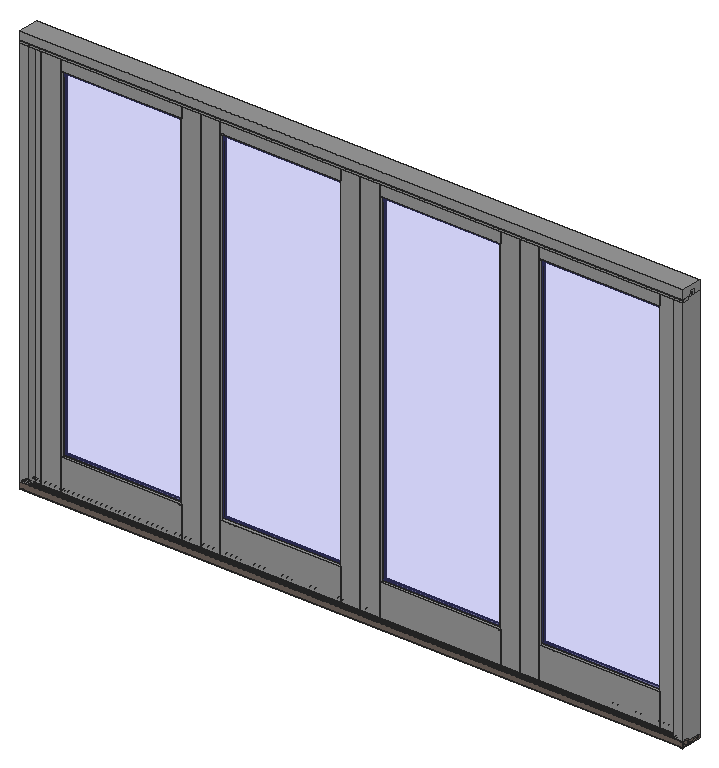
Revit family "VSFA 3390 G1 LH", category Doors, host Wall, Revit 2015
Parameters (values of type "VSFA 3390 G1 LH")
  Function = Interior
  Frame Projection Ext. = 25 mm
  Frame Projection Int. = 25 mm
  Frame Width = 75 mm
  Height = 2100 mm
  Wall Closure = By host
  Width = 3390 mm
Reference planes
  plane 1: y = 0
  plane 2 "Center (Left/Right)": x = 0
  plane 3 "Left": x = -1695
  plane 4 "Right": x = 1695
  plane 5: z = 2100
  plane 6 "Exterior": y = 75
  plane 7 "Interior": y = -75
  plane 8: x = 832.5
  plane 9: x = 829.5
  plane 10: x = 16.5
  plane 11: x = 13.5
  plane 12: x = -799.5
  plane 13: x = -802.5
Forms (mm)
  Extrusion 1, solid, material "Aluminium Cill (Bronze)"
    sketch origin (0, 79.18, -119.746) x (0, 1, 0) y (0, 0, 1)
      loop
        line (-26.68, 120.746) -> (-26.68, 135.746)
        arc (-26.68, 135.746) -> (-27.558, 137.867) -> (-29.68, 138.746) r 3
        line (-29.68, 138.746) -> (-40.947, 138.746)
        arc (-40.947, 138.746) -> (-42.68, 137.746) -> (-44.412, 138.746) r 2
        line (-44.412, 138.746) -> (-48.947, 138.746)
        arc (-48.947, 138.746) -> (-50.68, 137.746) -> (-52.412, 138.746) r 2
        line (-52.412, 138.746) -> (-56.947, 138.746)
        arc (-56.947, 138.746) -> (-58.68, 137.746) -> (-60.412, 138.746) r 2
        line (-60.412, 138.746) -> (-67.18, 138.746) -> (-67.18, 135.246)
        arc (-67.18, 135.246) -> (-67.619, 134.185) -> (-68.68, 133.746) r 1.5
        line (-68.68, 133.746) -> (-73.43, 133.746) -> (-73.43, 135.746) -> (-71.996, 135.746)
        arc (-71.996, 135.746) -> (-74.68, 138.746) -> (-77.363, 135.746) r 2.7
        line (-77.363, 135.746) -> (-75.93, 135.746) -> (-75.93, 133.746) -> (-80.68, 133.746)
        arc (-80.68, 133.746) -> (-81.74, 134.185) -> (-82.18, 135.246) r 1.5
        line (-82.18, 135.246) -> (-82.18, 138.746) -> (-90.432, 138.746) -> (-98.68, 138.746) -> (-98.68, 143.746)
        arc (-98.68, 143.746) -> (-99.18, 144.246) -> (-99.68, 143.746) r 0.5
        line (-99.68, 143.746) -> (-99.68, 142.734) -> (-100.88, 142.734) -> (-100.88, 150.246) -> (-99.68, 150.246) -> (-99.68, 149.246)
        arc (-99.68, 149.246) -> (-99.18, 148.746) -> (-98.68, 149.246) r 0.5
        line (-98.68, 149.246) -> (-98.68, 150.746)
        arc (-98.68, 150.746) -> (-98.972, 151.453) -> (-99.68, 151.746) r 1
        line (-99.68, 151.746) -> (-109.447, 151.746)
        arc (-109.447, 151.746) -> (-111.18, 150.746) -> (-112.912, 151.746) r 2
        line (-112.912, 151.746) -> (-117.447, 151.746)
        arc (-117.447, 151.746) -> (-119.18, 150.746) -> (-120.912, 151.746) r 2
        line (-120.912, 151.746) -> (-130.68, 151.746)
        arc (-130.68, 151.746) -> (-131.387, 151.453) -> (-131.68, 150.746) r 1
        line (-131.68, 150.746) -> (-131.68, 120.746)
        arc (-131.68, 120.746) -> (-131.387, 120.039) -> (-130.68, 119.746) r 1
        line (-130.68, 119.746) -> (-27.68, 119.746)
        arc (-27.68, 119.746) -> (-26.972, 120.039) -> (-26.68, 120.746) r 1
      loop
        line (-29.68, 137.246) -> (-40.23, 137.246)
        arc (-40.23, 137.246) -> (-42.68, 136.246) -> (-45.129, 137.246) r 3.5
        line (-45.129, 137.246) -> (-48.23, 137.246)
        arc (-48.23, 137.246) -> (-50.68, 136.246) -> (-53.129, 137.246) r 3.5
        line (-53.129, 137.246) -> (-56.23, 137.246)
        arc (-56.23, 137.246) -> (-58.68, 136.246) -> (-61.129, 137.246) r 3.5
        line (-61.129, 137.246) -> (-65.68, 137.246) -> (-65.68, 135.246)
        arc (-65.68, 135.246) -> (-66.558, 133.125) -> (-68.68, 132.246) r 3
        line (-68.68, 132.246) -> (-73.93, 132.246) -> (-73.93, 121.246) -> (-28.18, 121.246) -> (-28.18, 135.746)
        arc (-28.18, 135.746) -> (-28.619, 136.807) -> (-29.68, 137.246) r 1.5
      loop
        line (-75.43, 132.246) -> (-80.68, 132.246)
        arc (-80.68, 132.246) -> (-82.801, 133.125) -> (-83.68, 135.246) r 3
        line (-83.68, 135.246) -> (-83.68, 137.246) -> (-98.68, 137.246) -> (-98.68, 121.246) -> (-75.43, 121.246) -> (-75.43, 132.246)
      loop
        line (-100.18, 121.246) -> (-100.18, 141.246) -> (-102.38, 141.246) -> (-102.38, 150.246) -> (-108.73, 150.246)
        arc (-108.73, 150.246) -> (-111.18, 149.246) -> (-113.629, 150.246) r 3.5
        line (-113.629, 150.246) -> (-116.73, 150.246)
        arc (-116.73, 150.246) -> (-119.18, 149.246) -> (-121.629, 150.246) r 3.5
        line (-121.629, 150.246) -> (-130.18, 150.246) -> (-130.18, 121.246) -> (-100.18, 121.246)
    from -1695 to 1695
  Extrusion 2, solid, material "Lauan, Meranti"
    sketch origin (122.148, 0, 0) x (0, 1, 0) y (0, 0, -1)
      loop
        line (52.5, -2100) -> (52.5, -2055) -> (15.5, -2055) -> (15.5, -2075) -> (-6.5, -2075) -> (-6.5, -2055) -> (-52.5, -2055) -> (-52.5, -2100) -> (52.5, -2100)
    from -1572.852 to 1817.148
  Extrusion 3, solid, material "Lauan, Meranti"
    sketch origin (-2.986, 0, 0) x (0, 1, 0) y (0, 0, -1)
      loop
        line (-52.5, -2052) -> (-49.5, -2052) -> (-49.5, -2055) -> (-20.5, -2055) -> (-20.5, -2048.5) -> (-27.5, -2048.5) -> (-27.5, -2045.5) -> (-20.5, -2045.5) -> (-20.5, -2042) -> (-52.5, -2042) -> (-52.5, -2052)
    from -1697.986 to 1692.014
  Extrusion 4, solid, material "Steel, Chrome Plated"
    sketch origin (-129.456, -1.5, 0) x (0, 1, 0) y (0, 0, 1)
      loop
        line (16.5, 2075) -> (-4.5, 2075) -> (-4.5, 2055) -> (-2.3, 2055) -> (-2.3, 2072.8) -> (14.3, 2072.8) -> (14.3, 2055) -> (16.5, 2055) -> (16.5, 2075)
    from -1565.544 to 1824.456
  Extrusion 5, solid, material "Lauan, Meranti"
    sketch origin (1430, 0, 0) x (-1, 0, 0) y (0, -1, 0)
      loop
        line (-265, -52.5) -> (-232, -52.5) -> (-232, -24.5) -> (-220, -24.5) -> (-220, 19.5) -> (-265, 19.5) -> (-265, -52.5)
    from 19 to 32
  Extrusion 6, solid, material "Lauan, Meranti"
    sketch origin (-1430, 0, 0) x (-1, 0, 0) y (0, -1, 0)
      loop
        line (220, -52.5) -> (265, -52.5) -> (265, -25.5) -> (220, -25.5) -> (220, -52.5)
      loop
        line (235, -24.5) -> (235, -14.5) -> (210, -14.5) -> (210, 5.5) -> (235, 5.5) -> (235, 15.5) -> (190, 15.5) -> (190, -24.5) -> (235, -24.5)
    from 19 to 32
  Extrusion 7, solid, material "Lauan, Meranti"
    sketch origin (-1030, 0, 0) x (-1, 0, 0) y (0, -1, 0)
      loop
        line (665, 52.5) -> (620, 52.5) -> (620, 16.5) -> (665, 16.5) -> (665, 52.5)
      loop
        line (665, -52.5) -> (665, -25.5) -> (620, -25.5) -> (620, -52.5) -> (665, -52.5)
      loop
        line (590, -24.5) -> (635, -24.5) -> (635, -14.5) -> (610, -14.5) -> (610, 5.5) -> (635, 5.5) -> (635, 15.5) -> (590, 15.5) -> (590, -24.5)
    from 32 to 2055
  Extrusion 8, solid, material "Lauan, Meranti"
    sketch origin (1030, 0, 0) x (-1, 0, 0) y (0, -1, 0)
      loop
        line (-665, -52.5) -> (-632, -52.5) -> (-632, -24.5) -> (-620, -24.5) -> (-620, 52.5) -> (-665, 52.5) -> (-665, -52.5)
    from 32 to 2055
  Extrusion 9, solid, material "Lauan, Meranti"
    sketch origin (-1935.5, 0, 0) x (-1, 0, 0) y (0, -1, 0)
      loop
        line (-1133, 15.5) -> (-1133, -24.5) -> (-1037, -24.5) -> (-1037, 5.5) -> (-1028, 5.5) -> (-1028, 7.5) -> (-1030, 7.5)
        arc (-1030, 7.5) -> (-1032.265, 11.94) -> (-1037, 13.5) r 6.549
        line (-1037, 13.5) -> (-1037, 15.5) -> (-1133, 15.5)
      loop
        line (-320, 15.5) -> (-416, 15.5) -> (-416, 13.5)
        arc (-416, 13.5) -> (-420.735, 11.94) -> (-423, 7.5) r 6.549
        line (-423, 7.5) -> (-425, 7.5) -> (-425, 5.5) -> (-416, 5.5) -> (-416, -24.5) -> (-320, -24.5) -> (-320, 15.5)
    from 19 to 2055
  Extrusion 10, solid, material "Lauan, Meranti"
    sketch origin (-1270.735, 0, 0) x (0, 1, 0) y (0, 0, -1)
      loop
        line (-15.5, -190) -> (-13.5, -190)
        arc (-13.5, -190) -> (-11.866, -194.67) -> (-7.5, -197) r 6.807
        line (-7.5, -197) -> (-7.5, -199) -> (-5.5, -199) -> (-5.5, -190) -> (24.5, -190) -> (24.5, -19) -> (-15.5, -19) -> (-15.5, -190)
      loop
        arc (-7.5, -1952) -> (-11.866, -1954.33) -> (-13.5, -1959) r 6.807
        line (-13.5, -1959) -> (-15.5, -1959) -> (-15.5, -2055) -> (24.5, -2055) -> (24.5, -1959) -> (-5.5, -1959) -> (-5.5, -1950) -> (-7.5, -1950) -> (-7.5, -1952)
    from -372.235 to 248.765
  Sweep 11, solid, material "Lauan, Meranti"
    path origin (-978.376, -75, -1252.272) x (-1, 0, 0) y (0, 0, -1)
      loop
        line (-79.876, -3211.272) -> (541.124, -3211.272) -> (541.124, -1442.272) -> (-79.876, -1442.272) -> (-79.876, -3211.272)
    profile origin (-1209, -75, 1959) x (0, 0, -1) y (0, -1, 0)
      loop
        line (9, -78) -> (0, -78) -> (0, -86)
        arc (0, -86) -> (4.67, -84.366) -> (7, -80) r 6.807
        line (7, -80) -> (9, -80) -> (9, -78)
  Extrusion 12, solid, material "Glass"
    sketch origin (-1247.308, -110.55, -763.769) x (-1, 0, 0) y (0, 0, -1)
      loop
        line (-348.808, -2722.769) -> (272.192, -2722.769) -> (272.192, -953.769) -> (-348.808, -953.769) -> (-348.808, -2722.769)
    from -112.5 to -106.1
  Extrusion 13, solid, material "Lauan, Meranti"
    sketch origin (-1119.5, 0, 0) x (-1, 0, 0) y (0, -1, 0)
      loop
        line (-1133, 15.5) -> (-1133, -24.5) -> (-1037, -24.5) -> (-1037, 5.5) -> (-1028, 5.5) -> (-1028, 7.5) -> (-1030, 7.5)
        arc (-1030, 7.5) -> (-1032.265, 11.94) -> (-1037, 13.5) r 6.549
        line (-1037, 13.5) -> (-1037, 15.5) -> (-1133, 15.5)
      loop
        line (-320, 15.5) -> (-416, 15.5) -> (-416, 13.5)
        arc (-416, 13.5) -> (-420.735, 11.94) -> (-423, 7.5) r 6.549
        line (-423, 7.5) -> (-425, 7.5) -> (-425, 5.5) -> (-416, 5.5) -> (-416, -24.5) -> (-320, -24.5) -> (-320, 15.5)
    from 19 to 2055
  Extrusion 14, solid, material "Lauan, Meranti"
    sketch origin (-454.735, 0, 0) x (0, 1, 0) y (0, 0, -1)
      loop
        line (-15.5, -190) -> (-13.5, -190)
        arc (-13.5, -190) -> (-11.866, -194.67) -> (-7.5, -197) r 6.807
        line (-7.5, -197) -> (-7.5, -199) -> (-5.5, -199) -> (-5.5, -190) -> (24.5, -190) -> (24.5, -19) -> (-15.5, -19) -> (-15.5, -190)
      loop
        arc (-7.5, -1952) -> (-11.866, -1954.33) -> (-13.5, -1959) r 6.807
        line (-13.5, -1959) -> (-15.5, -1959) -> (-15.5, -2055) -> (24.5, -2055) -> (24.5, -1959) -> (-5.5, -1959) -> (-5.5, -1950) -> (-7.5, -1950) -> (-7.5, -1952)
    from -372.235 to 248.765
  Sweep 15, solid, material "Lauan, Meranti"
    path origin (-162.376, -75, -1252.272) x (-1, 0, 0) y (0, 0, -1)
      loop
        line (-79.876, -3211.272) -> (541.124, -3211.272) -> (541.124, -1442.272) -> (-79.876, -1442.272) -> (-79.876, -3211.272)
    profile origin (-393, -75, 1959) x (0, 0, -1) y (0, -1, 0)
      loop
        line (9, -78) -> (0, -78) -> (0, -86)
        arc (0, -86) -> (4.67, -84.366) -> (7, -80) r 6.807
        line (7, -80) -> (9, -80) -> (9, -78)
  Extrusion 16, solid, material "Glass"
    sketch origin (-431.308, -110.55, -763.769) x (-1, 0, 0) y (0, 0, -1)
      loop
        line (-348.808, -2722.769) -> (272.192, -2722.769) -> (272.192, -953.769) -> (-348.808, -953.769) -> (-348.808, -2722.769)
    from -112.5 to -106.1
  Extrusion 17, solid, material "Lauan, Meranti"
    sketch origin (-303.5, 0, 0) x (-1, 0, 0) y (0, -1, 0)
      loop
        line (-1133, 15.5) -> (-1133, -24.5) -> (-1037, -24.5) -> (-1037, 5.5) -> (-1028, 5.5) -> (-1028, 7.5) -> (-1030, 7.5)
        arc (-1030, 7.5) -> (-1032.265, 11.94) -> (-1037, 13.5) r 6.549
        line (-1037, 13.5) -> (-1037, 15.5) -> (-1133, 15.5)
      loop
        line (-320, 15.5) -> (-416, 15.5) -> (-416, 13.5)
        arc (-416, 13.5) -> (-420.735, 11.94) -> (-423, 7.5) r 6.549
        line (-423, 7.5) -> (-425, 7.5) -> (-425, 5.5) -> (-416, 5.5) -> (-416, -24.5) -> (-320, -24.5) -> (-320, 15.5)
    from 19 to 2055
  Extrusion 18, solid, material "Lauan, Meranti"
    sketch origin (361.265, 0, 0) x (0, 1, 0) y (0, 0, -1)
      loop
        line (-15.5, -190) -> (-13.5, -190)
        arc (-13.5, -190) -> (-11.866, -194.67) -> (-7.5, -197) r 6.807
        line (-7.5, -197) -> (-7.5, -199) -> (-5.5, -199) -> (-5.5, -190) -> (24.5, -190) -> (24.5, -19) -> (-15.5, -19) -> (-15.5, -190)
      loop
        arc (-7.5, -1952) -> (-11.866, -1954.33) -> (-13.5, -1959) r 6.807
        line (-13.5, -1959) -> (-15.5, -1959) -> (-15.5, -2055) -> (24.5, -2055) -> (24.5, -1959) -> (-5.5, -1959) -> (-5.5, -1950) -> (-7.5, -1950) -> (-7.5, -1952)
    from -372.235 to 248.765
  Sweep 19, solid, material "Lauan, Meranti"
    path origin (653.624, -75, -1252.272) x (-1, 0, 0) y (0, 0, -1)
      loop
        line (-79.876, -3211.272) -> (541.124, -3211.272) -> (541.124, -1442.272) -> (-79.876, -1442.272) -> (-79.876, -3211.272)
    profile origin (423, -75, 1959) x (0, 0, -1) y (0, -1, 0)
      loop
        line (9, -78) -> (0, -78) -> (0, -86)
        arc (0, -86) -> (4.67, -84.366) -> (7, -80) r 6.807
        line (7, -80) -> (9, -80) -> (9, -78)
  Extrusion 20, solid, material "Glass"
    sketch origin (384.692, -110.55, -763.769) x (-1, 0, 0) y (0, 0, -1)
      loop
        line (-348.808, -2722.769) -> (272.192, -2722.769) -> (272.192, -953.769) -> (-348.808, -953.769) -> (-348.808, -2722.769)
    from -112.5 to -106.1
  Extrusion 21, solid, material "Lauan, Meranti"
    sketch origin (512.5, 0, 0) x (-1, 0, 0) y (0, -1, 0)
      loop
        line (-1133, 15.5) -> (-1133, -24.5) -> (-1037, -24.5) -> (-1037, 5.5) -> (-1028, 5.5) -> (-1028, 7.5) -> (-1030, 7.5)
        arc (-1030, 7.5) -> (-1032.265, 11.94) -> (-1037, 13.5) r 6.549
        line (-1037, 13.5) -> (-1037, 15.5) -> (-1133, 15.5)
      loop
        line (-320, 15.5) -> (-416, 15.5) -> (-416, 13.5)
        arc (-416, 13.5) -> (-420.735, 11.94) -> (-423, 7.5) r 6.549
        line (-423, 7.5) -> (-425, 7.5) -> (-425, 5.5) -> (-416, 5.5) -> (-416, -24.5) -> (-320, -24.5) -> (-320, 15.5)
    from 19 to 2055
  Extrusion 22, solid, material "Lauan, Meranti"
    sketch origin (1177.265, 0, 0) x (0, 1, 0) y (0, 0, -1)
      loop
        line (-15.5, -190) -> (-13.5, -190)
        arc (-13.5, -190) -> (-11.866, -194.67) -> (-7.5, -197) r 6.807
        line (-7.5, -197) -> (-7.5, -199) -> (-5.5, -199) -> (-5.5, -190) -> (24.5, -190) -> (24.5, -19) -> (-15.5, -19) -> (-15.5, -190)
      loop
        arc (-7.5, -1952) -> (-11.866, -1954.33) -> (-13.5, -1959) r 6.807
        line (-13.5, -1959) -> (-15.5, -1959) -> (-15.5, -2055) -> (24.5, -2055) -> (24.5, -1959) -> (-5.5, -1959) -> (-5.5, -1950) -> (-7.5, -1950) -> (-7.5, -1952)
    from -372.235 to 248.765
  Sweep 23, solid, material "Lauan, Meranti"
    path origin (1469.624, -75, -1252.272) x (-1, 0, 0) y (0, 0, -1)
      loop
        line (-79.876, -3211.272) -> (541.124, -3211.272) -> (541.124, -1442.272) -> (-79.876, -1442.272) -> (-79.876, -3211.272)
    profile origin (1239, -75, 1959) x (0, 0, -1) y (0, -1, 0)
      loop
        line (9, -78) -> (0, -78) -> (0, -86)
        arc (0, -86) -> (4.67, -84.366) -> (7, -80) r 6.807
        line (7, -80) -> (9, -80) -> (9, -78)
  Extrusion 24, solid, material "Glass"
    sketch origin (1200.692, -110.55, -763.769) x (-1, 0, 0) y (0, 0, -1)
      loop
        line (-348.808, -2722.769) -> (272.192, -2722.769) -> (272.192, -953.769) -> (-348.808, -953.769) -> (-348.808, -2722.769)
    from -112.5 to -106.1
Cuts and joins
  joined: Extrusion 5, Extrusion 8
  joined: Extrusion 6, Extrusion 7
Lines and regions (mm)
  Opening 1
    outline origin (-5000, -75, 0) x (1, 0, 0) y (0, 0, 1)
      loop
        line (3305, 0) -> (6695, 0) -> (6695, 2100) -> (3305, 2100) -> (3305, 0)
  model lines
    curve 1: line (-1046.302, 99.5, 1050) -> (-1221.302, 99.5, 1050)
    curve 2: line (-1360.379, 99.5, 1050) -> (-1221.302, 99.5, 1106.191)
    curve 3: line (-1221.302, 99.5, 1106.191) -> (-1221.302, 99.5, 993.809)
    curve 4: line (-1360.379, 99.5, 1050) -> (-1221.302, 99.5, 993.809)
    curve 5: line (-230.302, 99.5, 1050) -> (-405.302, 99.5, 1050)
    curve 6: line (-544.379, 99.5, 1050) -> (-405.302, 99.5, 1106.191)
    curve 7: line (-405.302, 99.5, 1106.191) -> (-405.302, 99.5, 993.809)
    curve 8: line (-544.379, 99.5, 1050) -> (-405.302, 99.5, 993.809)
    curve 9: line (585.698, 99.5, 1050) -> (410.698, 99.5, 1050)
    curve 10: line (271.621, 99.5, 1050) -> (410.698, 99.5, 1106.191)
    curve 11: line (410.698, 99.5, 1106.191) -> (410.698, 99.5, 993.809)
    curve 12: line (271.621, 99.5, 1050) -> (410.698, 99.5, 993.809)
    curve 13: line (1076.302, 99.5, 1050) -> (1251.302, 99.5, 1050)
    curve 14: line (1390.379, 99.5, 1050) -> (1251.302, 99.5, 1106.191)
    curve 15: line (1251.302, 99.5, 1106.191) -> (1251.302, 99.5, 993.809)
    curve 16: line (1390.379, 99.5, 1050) -> (1251.302, 99.5, 993.809)
    curve 17: line (1645.5, 24.5, 19) -> (832.5, 24.5, 1037)
    curve 18: line (832.5, 24.5, 1037) -> (1645.5, 24.5, 2055)
    curve 19: line (-1615.5, 24.5, 0) -> (-1209, 728.579, 0)
    curve 20: line (-1209, 728.579, 0) -> (-1174.359, 708.579, 0)
    curve 21: line (-1174.359, 708.579, 0) -> (-1580.859, 4.5, 0)
    curve 22: line (-733.218, 24.5, 0) -> (-1139.718, 728.579, 0)
    curve 23: line (-1139.718, 728.579, 0) -> (-1174.359, 708.579, 0)
    curve 24: line (-1174.359, 708.579, 0) -> (-767.859, 4.5, 0)
    curve 25: line (-733.218, 24.5, 0) -> (-326.718, 728.579, 0)
    curve 26: line (-326.718, 728.579, 0) -> (-292.077, 708.579, 0)
    curve 27: line (-698.577, 4.5, 0) -> (-292.077, 708.579, 0)
    curve 28: line (1645.5, 24.5, 0) -> (1239, 728.579, 0)
    curve 29: line (1239, 728.579, 0) -> (1204.359, 708.579, 0)
    curve 30: line (1204.359, 708.579, 0) -> (1610.859, 4.5, 0)
Text (mm)
  text "Exterior" at (-2295.016, 1099.543, 0), in view "Ref. Level"
  text "Exterior" at (0, 1615.38, 3698.081), in view "Left"
  text "Exterior" at (0, 1036.032, 3874.932), in view "Right"
Dimensions and locks
  equal spacing: plane 3 "Left", plane 2 "Center (Left/Right)", plane 4 "Right"
  "Width": plane 3 "Left" to plane 4 "Right"
  "Height": plane 5 to host wall
  host wall to plane 5 = 2100 mm  (x2)
  locked: plane 6 "Exterior" to host wall at 0
  locked: plane 7 "Interior" to host wall
  plane 3 "Left" to plane 4 "Right" = 3390 mm
  aligned and locked: plane 1 to host wall
  aligned and locked: Opening 1 sketch curve to level
  aligned and locked: Extrusion 9 to Extrusion 10
  aligned and locked: Extrusion 10 to Extrusion 12  (x2)
  aligned and locked: Extrusion 9 to Extrusion 12
  aligned and locked: Sweep 11 sketch curve to Extrusion 10  (x2)
  aligned and locked: Extrusion 9 to Sweep 11 sketch curve
  aligned and locked: Extrusion 13 to Extrusion 14
  aligned and locked: Extrusion 14 to Extrusion 16  (x2)
  aligned and locked: Extrusion 13 to Extrusion 16
  aligned and locked: Sweep 15 sketch curve to Extrusion 14  (x2)
  aligned and locked: Extrusion 13 to Sweep 15 sketch curve
  aligned and locked: Extrusion 17 to Extrusion 18
  aligned and locked: Extrusion 18 to Extrusion 20  (x2)
  aligned and locked: Extrusion 17 to Extrusion 20
  aligned and locked: Sweep 19 sketch curve to Extrusion 18  (x2)
  aligned and locked: Extrusion 17 to Sweep 19 sketch curve
  aligned and locked: Extrusion 21 to Extrusion 22
  aligned and locked: Extrusion 22 to Extrusion 24  (x2)
  aligned and locked: Extrusion 21 to Extrusion 24
  aligned and locked: Sweep 23 sketch curve to Extrusion 22  (x2)
  aligned and locked: Extrusion 21 to Sweep 23 sketch curve
Automatic sketch dimensions
  curve 2 to plane 3 "Left" = 334.621 mm
  curve 2 to curve 2 = 139.078 mm
  plane 12 to curve 6 = 255.121 mm
  curve 6 to curve 6 = 139.078 mm
  plane 10 to curve 10 = 255.121 mm
  curve 10 to curve 10 = 139.078 mm
  plane 8 to curve 16 = 418.802 mm
  curve 13 to curve 16 = 139.078 mm
  level to curve 16 = 993.809 mm
  curve 12 to curve 15 = 0 mm
  curve 8 to curve 11 = 0 mm
  curve 3 to curve 7 = 0 mm
  curve 7 to curve 6 = 56.191 mm
  curve 3 to curve 4 = 56.191 mm
  curve 15 to curve 16 = 56.191 mm
  curve 11 to curve 10 = 56.191 mm
  curve 11 to curve 10 = 112.382 mm
  curve 7 to curve 7 = 112.382 mm
  curve 15 to curve 14 = 112.382 mm
  curve 3 to curve 3 = 112.382 mm
  curve 1 to curve 1 = 175 mm
  curve 5 to curve 5 = 175 mm
  curve 9 to curve 9 = 175 mm
  curve 13 to curve 13 = 175 mm
  curve 7 to curve 5 = 56.191 mm
  curve 13 to curve 14 = 56.191 mm
  curve 11 to curve 9 = 56.191 mm
  curve 1 to curve 2 = 56.191 mm
  curve 19 to plane 13 = 406.5 mm
  curve 20 to curve 21 = 34.641 mm
  curve 23 to curve 22 = 34.641 mm
  curve 22 to host wall = 24.5 mm
  plane 12 to curve 22 = 66.282 mm
  curve 26 to plane 2 "Center (Left/Right)" = 326.718 mm
  curve 26 to curve 27 = 34.641 mm
  plane 8 to curve 30 = 371.859 mm
  curve 29 to curve 28 = 34.641 mm
  host wall to curve 30 = 633.579 mm
  host wall to curve 23 = 633.579 mm
  host wall to curve 27 = 633.579 mm
  curve 24 to curve 19 = 20 mm
  curve 29 to curve 28 = 20 mm
  curve 21 to host wall = 4.5 mm
  curve 21 to plane 3 "Left" = 114.141 mm
  curve 19 to host wall = 24.5 mm
  curve 24 to host wall = 4.5 mm
  plane 12 to curve 24 = 31.641 mm
  curve 27 to host wall = 4.5 mm
  curve 30 to host wall = 4.5 mm
  curve 28 to host wall = 24.5 mm
  curve 17 to plane 8 = 0 mm
  level to curve 18 = 1037 mm
  plane 4 "Right" to curve 18 = 49.5 mm
  level to curve 17 = 19 mm
  plane 4 "Right" to curve 17 = 49.5 mm
  plane 5 to curve 18 = 45 mm
  plane 3 "Left" to Opening 1 sketch curve = 0 mm
  plane 4 "Right" to Opening 1 sketch curve = 0 mm
  Opening 1 sketch curve to plane 5 = 0 mm
  Extrusion 1 sketch curve to level = 0 mm
  level to Extrusion 1 sketch curve = 1 mm
  Extrusion 1 sketch curve to host wall = 22.5 mm
  Extrusion 1 sketch curve to Extrusion 1 sketch curve = 1 mm  (x7)
  Extrusion 1 sketch curve to Extrusion 1 sketch curve = 0.5 mm  (x8)
  Extrusion 1 sketch curve to Extrusion 1 sketch curve = 8.551 mm
  Extrusion 1 sketch curve to Extrusion 1 sketch curve = 0.717 mm  (x10)
  Extrusion 1 sketch curve to Extrusion 1 sketch curve = 1.732 mm  (x10)
  Extrusion 1 sketch curve to Extrusion 1 sketch curve = 0 mm  (x26)
  Extrusion 1 sketch curve to Extrusion 1 sketch curve = 3.101 mm  (x3)
  Extrusion 1 sketch curve to Extrusion 1 sketch curve = 6.351 mm
  Extrusion 1 sketch curve to Extrusion 1 sketch curve = 1.5 mm  (x15)
  Extrusion 1 sketch curve to Extrusion 1 sketch curve = 0.7 mm
  level to Extrusion 1 sketch curve = 1.5 mm  (x3)
  Extrusion 1 sketch curve to Extrusion 1 sketch curve = 1.2 mm  (x2)
  Extrusion 1 sketch curve to Extrusion 1 sketch curve = 8.248 mm
  host wall to Extrusion 1 sketch curve = 4.5 mm
  host wall to Extrusion 1 sketch curve = 1.5 mm  (x2)
  Extrusion 1 sketch curve to host wall = 1.817 mm
  Extrusion 1 sketch curve to Extrusion 1 sketch curve = 1.433 mm  (x3)
  Extrusion 1 sketch curve to host wall = 3.75 mm
  Extrusion 1 sketch curve to Extrusion 1 sketch curve = 1.25 mm  (x2)
  Extrusion 1 sketch curve to Extrusion 1 sketch curve = 3.317 mm
  Extrusion 1 sketch curve to Extrusion 1 sketch curve = 4.551 mm
  Extrusion 1 sketch curve to Extrusion 1 sketch curve = 10.551 mm
  Extrusion 1 sketch curve to Extrusion 1 sketch curve = 11 mm
  Extrusion 1 sketch curve to Extrusion 1 sketch curve = 14.5 mm
  Extrusion 1 sketch curve to Extrusion 1 sketch curve = 2 mm  (x4)
  Extrusion 1 sketch curve to Extrusion 1 sketch curve = 0.3 mm
  Extrusion 1 sketch curve to Extrusion 1 sketch curve = 2.5 mm
  Extrusion 1 sketch curve to Extrusion 1 sketch curve = 1.488 mm
  Extrusion 1 sketch curve to Extrusion 1 sketch curve = 1.012 mm
  Extrusion 1 sketch curve to Extrusion 1 sketch curve = 5.5 mm
  plane 5 to Extrusion 2 sketch curve = 0 mm
  Extrusion 2 sketch curve to host wall = 22.5 mm  (x2)
  host wall to Extrusion 2 sketch curve = 6.5 mm
  Extrusion 2 sketch curve to host wall = 15.5 mm
  plane 5 to Extrusion 2 sketch curve = 25 mm
  Extrusion 2 sketch curve to Extrusion 2 sketch curve = 45 mm
  Extrusion 2 sketch curve to Extrusion 2 sketch curve = 20 mm
  Extrusion 3 sketch curve to host wall = 22.5 mm
  Extrusion 3 sketch curve to Extrusion 3 sketch curve = 3 mm  (x3)
  Extrusion 3 sketch curve to Extrusion 3 sketch curve = 22 mm
  Extrusion 3 sketch curve to Extrusion 3 sketch curve = 7 mm
  Extrusion 3 sketch curve to Extrusion 3 sketch curve = 0 mm
  plane 5 to Extrusion 3 sketch curve = 45 mm
  Extrusion 3 sketch curve to Extrusion 3 sketch curve = 6.5 mm
  Extrusion 3 sketch curve to Extrusion 3 sketch curve = 10 mm
  host wall to Extrusion 4 sketch curve = 6 mm
  Extrusion 4 sketch curve to Extrusion 4 sketch curve = 2.2 mm  (x3)
  Extrusion 4 sketch curve to host wall = 12.8 mm
  plane 5 to Extrusion 4 sketch curve = 45 mm
  Extrusion 4 sketch curve to Extrusion 4 sketch curve = 0 mm
  Extrusion 4 sketch curve to Extrusion 4 sketch curve = 17.8 mm
  Extrusion 5 sketch curve to plane 4 "Right" = 0 mm
  Extrusion 5 sketch curve to Extrusion 5 sketch curve = 33 mm
  host wall to Extrusion 5 sketch curve = 19.5 mm
  Extrusion 5 sketch curve to Extrusion 5 sketch curve = 45 mm
  Extrusion 5 sketch curve to host wall = 24.5 mm
  Extrusion 5 sketch curve to host wall = 22.5 mm
  Extrusion 6 sketch curve to plane 3 "Left" = 0 mm
  Extrusion 6 sketch curve to plane 3 "Left" = 30 mm
  Extrusion 6 sketch curve to Extrusion 6 sketch curve = 0 mm
  Extrusion 6 sketch curve to Extrusion 6 sketch curve = 15 mm
  host wall to Extrusion 6 sketch curve = 5.5 mm
  Extrusion 6 sketch curve to Extrusion 6 sketch curve = 25 mm
  Extrusion 6 sketch curve to Extrusion 6 sketch curve = 20 mm
  Extrusion 6 sketch curve to host wall = 14.5 mm
  Extrusion 6 sketch curve to Extrusion 6 sketch curve = 10 mm  (x2)
  Extrusion 6 sketch curve to host wall = 25.5 mm
  Extrusion 6 sketch curve to host wall = 22.5 mm
  Extrusion 7 sketch curve to plane 3 "Left" = 0 mm  (x2)
  Extrusion 7 sketch curve to plane 3 "Left" = 30 mm  (x2)
  Extrusion 7 sketch curve to Extrusion 7 sketch curve = 15 mm  (x2)
  Extrusion 7 sketch curve to Extrusion 7 sketch curve = 10 mm  (x2)
  Extrusion 7 sketch curve to Extrusion 7 sketch curve = 20 mm
  Extrusion 7 sketch curve to host wall = 22.5 mm  (x2)
  Extrusion 7 sketch curve to host wall = 25.5 mm
  Extrusion 7 sketch curve to Extrusion 7 sketch curve = 1 mm
  Extrusion 7 sketch curve to host wall = 14.5 mm
  host wall to Extrusion 7 sketch curve = 5.5 mm
  host wall to Extrusion 7 sketch curve = 16.5 mm
  Extrusion 8 sketch curve to plane 4 "Right" = 0 mm
  plane 4 "Right" to Extrusion 8 sketch curve = 33 mm
  Extrusion 8 sketch curve to Extrusion 8 sketch curve = 45 mm
  Extrusion 8 sketch curve to host wall = 22.5 mm  (x2)
  Extrusion 8 sketch curve to host wall = 24.5 mm
  Extrusion 9 sketch curve to plane 13 = 0 mm
  Extrusion 9 sketch curve to host wall = 13.5 mm
  plane 13 to Extrusion 9 sketch curve = 96 mm
  Extrusion 9 sketch curve to Extrusion 9 sketch curve = 0 mm
  Extrusion 9 sketch curve to Extrusion 9 sketch curve = 0.473 mm  (x3)
  Extrusion 9 sketch curve to Extrusion 9 sketch curve = 6.527 mm  (x2)
  Extrusion 9 sketch curve to Extrusion 9 sketch curve = 2 mm  (x4)
  Extrusion 9 sketch curve to host wall = 5.5 mm
  plane 3 "Left" to Extrusion 9 sketch curve = 184.5 mm
  host wall to Extrusion 9 sketch curve = 24.5 mm  (x2)
  plane 3 "Left" to Extrusion 9 sketch curve = 79.5 mm
  Extrusion 9 sketch curve to host wall = 15.5 mm  (x2)
  Extrusion 9 sketch curve to host wall = 7.5 mm
  Extrusion 9 sketch curve to Extrusion 9 sketch curve = 1.468 mm
  host wall to Extrusion 10 sketch curve = 15.5 mm  (x2)
  Extrusion 10 sketch curve to Extrusion 10 sketch curve = 2 mm  (x6)
  host wall to Extrusion 10 sketch curve = 7.5 mm  (x2)
  host wall to Extrusion 10 sketch curve = 6.697 mm  (x2)
  Extrusion 10 sketch curve to host wall = 24.5 mm  (x2)
  plane 5 to Extrusion 10 sketch curve = 45 mm
  Extrusion 10 sketch curve to Extrusion 10 sketch curve = 96 mm
  Extrusion 10 sketch curve to Extrusion 10 sketch curve = 0 mm
  Extrusion 10 sketch curve to Extrusion 10 sketch curve = 0.241 mm  (x2)
  level to Extrusion 10 sketch curve = 199 mm
  Extrusion 10 sketch curve to Extrusion 10 sketch curve = 6.759 mm
  level to Extrusion 10 sketch curve = 19 mm
  Sweep 11 sketch curve to plane 13 = 96 mm
  Sweep 11 sketch curve to profile plane = 0 mm
  Sweep 11 sketch curve to profile plane = 0.241 mm
  Sweep 11 sketch curve to Sweep 11 sketch curve = 6.759 mm
  Sweep 11 sketch curve to Sweep 11 sketch curve = 2 mm  (x2)
  Sweep 11 sketch curve to profile plane = 86 mm
  Sweep 11 sketch curve to Sweep 11 sketch curve = 6 mm
  Extrusion 12 sketch curve to plane 13 = 96 mm
  Extrusion 12 sketch curve to plane 3 "Left" = 175.5 mm
  plane 5 to Extrusion 12 sketch curve = 141 mm
  level to Extrusion 12 sketch curve = 190 mm
  Extrusion 13 sketch curve to plane 11 = 0 mm
  Extrusion 13 sketch curve to plane 12 = 0 mm
  Extrusion 13 sketch curve to host wall = 13.5 mm
  plane 2 "Center (Left/Right)" to Extrusion 13 sketch curve = 82.5 mm
  Extrusion 13 sketch curve to Extrusion 13 sketch curve = 0 mm
  Extrusion 13 sketch curve to Extrusion 13 sketch curve = 0.473 mm  (x3)
  Extrusion 13 sketch curve to Extrusion 13 sketch curve = 6.527 mm  (x2)
  Extrusion 13 sketch curve to Extrusion 13 sketch curve = 2 mm  (x4)
  Extrusion 13 sketch curve to host wall = 5.5 mm
  Extrusion 13 sketch curve to plane 12 = 105 mm
  Extrusion 13 sketch curve to host wall = 15.5 mm  (x2)
  Extrusion 13 sketch curve to host wall = 7.5 mm
  Extrusion 13 sketch curve to Extrusion 13 sketch curve = 1.468 mm
  host wall to Extrusion 13 sketch curve = 24.5 mm  (x2)
  host wall to Extrusion 14 sketch curve = 15.5 mm  (x2)
  Extrusion 14 sketch curve to Extrusion 14 sketch curve = 2 mm  (x6)
  host wall to Extrusion 14 sketch curve = 7.5 mm  (x2)
  host wall to Extrusion 14 sketch curve = 6.697 mm  (x2)
  Extrusion 14 sketch curve to host wall = 24.5 mm  (x2)
  plane 5 to Extrusion 14 sketch curve = 45 mm
  Extrusion 14 sketch curve to Extrusion 14 sketch curve = 96 mm
  Extrusion 14 sketch curve to Extrusion 14 sketch curve = 0 mm
  Extrusion 14 sketch curve to Extrusion 14 sketch curve = 0.241 mm  (x2)
  level to Extrusion 14 sketch curve = 199 mm
  Extrusion 14 sketch curve to Extrusion 14 sketch curve = 6.759 mm
  level to Extrusion 14 sketch curve = 19 mm
  Sweep 15 sketch curve to plane 2 "Center (Left/Right)" = 82.5 mm
  Sweep 15 sketch curve to profile plane = 0 mm
  Sweep 15 sketch curve to profile plane = 0.241 mm
  Sweep 15 sketch curve to Sweep 15 sketch curve = 6.759 mm
  Sweep 15 sketch curve to Sweep 15 sketch curve = 2 mm  (x2)
  Sweep 15 sketch curve to profile plane = 86 mm
  Sweep 15 sketch curve to Sweep 15 sketch curve = 6 mm
  Extrusion 16 sketch curve to plane 2 "Center (Left/Right)" = 82.5 mm
  plane 12 to Extrusion 16 sketch curve = 96 mm
  plane 5 to Extrusion 16 sketch curve = 141 mm
  level to Extrusion 16 sketch curve = 190 mm
  Extrusion 17 sketch curve to plane 9 = 0 mm
  Extrusion 17 sketch curve to plane 10 = 0 mm
  Extrusion 17 sketch curve to host wall = 13.5 mm
  plane 9 to Extrusion 17 sketch curve = 96 mm
  Extrusion 17 sketch curve to Extrusion 17 sketch curve = 0 mm
  Extrusion 17 sketch curve to Extrusion 17 sketch curve = 0.473 mm  (x3)
  Extrusion 17 sketch curve to Extrusion 17 sketch curve = 6.527 mm  (x2)
  Extrusion 17 sketch curve to Extrusion 17 sketch curve = 2 mm  (x4)
  Extrusion 17 sketch curve to host wall = 5.5 mm
  Extrusion 17 sketch curve to plane 10 = 105 mm
  Extrusion 17 sketch curve to host wall = 15.5 mm  (x2)
  Extrusion 17 sketch curve to host wall = 7.5 mm
  Extrusion 17 sketch curve to Extrusion 17 sketch curve = 1.468 mm
  host wall to Extrusion 17 sketch curve = 24.5 mm  (x2)
  host wall to Extrusion 18 sketch curve = 15.5 mm  (x2)
  Extrusion 18 sketch curve to Extrusion 18 sketch curve = 2 mm  (x6)
  host wall to Extrusion 18 sketch curve = 7.5 mm  (x2)
  host wall to Extrusion 18 sketch curve = 6.697 mm  (x2)
  Extrusion 18 sketch curve to host wall = 24.5 mm  (x2)
  plane 5 to Extrusion 18 sketch curve = 45 mm
  Extrusion 18 sketch curve to Extrusion 18 sketch curve = 96 mm
  Extrusion 18 sketch curve to Extrusion 18 sketch curve = 0 mm
  Extrusion 18 sketch curve to Extrusion 18 sketch curve = 0.241 mm  (x2)
  level to Extrusion 18 sketch curve = 199 mm
  Extrusion 18 sketch curve to Extrusion 18 sketch curve = 6.759 mm
  level to Extrusion 18 sketch curve = 19 mm
  Sweep 19 sketch curve to plane 9 = 96 mm
  Sweep 19 sketch curve to profile plane = 0 mm
  Sweep 19 sketch curve to profile plane = 0.241 mm
  Sweep 19 sketch curve to Sweep 19 sketch curve = 6.759 mm
  Sweep 19 sketch curve to Sweep 19 sketch curve = 2 mm  (x2)
  Sweep 19 sketch curve to profile plane = 86 mm
  Sweep 19 sketch curve to Sweep 19 sketch curve = 6 mm
  Extrusion 20 sketch curve to plane 9 = 96 mm
  plane 10 to Extrusion 20 sketch curve = 96 mm
  plane 5 to Extrusion 20 sketch curve = 141 mm
  level to Extrusion 20 sketch curve = 190 mm
  Extrusion 21 sketch curve to plane 8 = 0 mm
  Extrusion 21 sketch curve to host wall = 13.5 mm
  Extrusion 21 sketch curve to plane 8 = 96 mm
  Extrusion 21 sketch curve to Extrusion 21 sketch curve = 0 mm
  Extrusion 21 sketch curve to Extrusion 21 sketch curve = 0.473 mm  (x2)
  Extrusion 21 sketch curve to Extrusion 21 sketch curve = 6.527 mm  (x2)
  Extrusion 21 sketch curve to Extrusion 21 sketch curve = 2 mm  (x4)
  Extrusion 21 sketch curve to host wall = 5.5 mm
  Extrusion 21 sketch curve to plane 4 "Right" = 154.5 mm
  Extrusion 21 sketch curve to Extrusion 21 sketch curve = 9 mm
  Extrusion 21 sketch curve to host wall = 15.5 mm  (x2)
  Extrusion 21 sketch curve to plane 4 "Right" = 49.5 mm
  Extrusion 21 sketch curve to host wall = 7.5 mm
  Extrusion 21 sketch curve to Extrusion 21 sketch curve = 1.468 mm
  host wall to Extrusion 21 sketch curve = 24.5 mm  (x2)
  host wall to Extrusion 22 sketch curve = 15.5 mm  (x2)
  Extrusion 22 sketch curve to Extrusion 22 sketch curve = 2 mm  (x6)
  host wall to Extrusion 22 sketch curve = 7.5 mm  (x2)
  host wall to Extrusion 22 sketch curve = 6.697 mm  (x2)
  Extrusion 22 sketch curve to host wall = 24.5 mm  (x2)
  plane 5 to Extrusion 22 sketch curve = 45 mm
  Extrusion 22 sketch curve to Extrusion 22 sketch curve = 96 mm
  Extrusion 22 sketch curve to Extrusion 22 sketch curve = 0 mm
  Extrusion 22 sketch curve to Extrusion 22 sketch curve = 0.241 mm  (x2)
  level to Extrusion 22 sketch curve = 199 mm
  Extrusion 22 sketch curve to Extrusion 22 sketch curve = 6.759 mm
  level to Extrusion 22 sketch curve = 19 mm
  plane 4 "Right" to Sweep 23 sketch curve = 145.5 mm
  Sweep 23 sketch curve to profile plane = 0 mm
  Sweep 23 sketch curve to profile plane = 0.241 mm
  Sweep 23 sketch curve to Sweep 23 sketch curve = 6.759 mm
  Sweep 23 sketch curve to Sweep 23 sketch curve = 2 mm  (x2)
  Sweep 23 sketch curve to profile plane = 86 mm
  Sweep 23 sketch curve to Sweep 23 sketch curve = 6 mm
  plane 4 "Right" to Extrusion 24 sketch curve = 145.5 mm
  plane 8 to Extrusion 24 sketch curve = 96 mm
  plane 5 to Extrusion 24 sketch curve = 141 mm
  level to Extrusion 24 sketch curve = 190 mm
